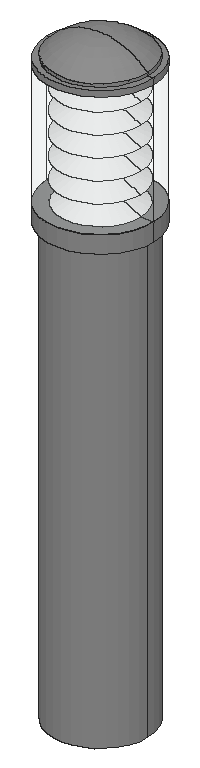
Revit family
Parameters
  Wattage = 9.2903 W
  built-in parameter 1150110 = 1 (stored number, unit not read)
  built-in parameter 1114217 = 1 (stored number, unit not read)
  built-in parameter 1150109 = 1 (stored number, unit not read)
  built-in parameter 1150134 = 3
  built-in parameter 1150113 = 1 (stored number, unit not read)
  Material Post = Metal - Black
  Material Lamp Glazing = Glass - Blue Light Frosted
  Material Filament = Metal - Chrome Polished
  built-in parameter 1150105 = 109.82 (stored number, unit not read)
  Lumens = 1380 lm
  built-in parameter 1150115 = 1 (stored number, unit not read)
  Light Source Symbol Size = 609.6 mm
  built-in parameter 1150137 = (empty or 0)
  built-in parameter 1150139 = (empty or 0)
  built-in parameter 1150112 = 1 (stored number, unit not read)
  built-in parameter 1150114 = 1 (stored number, unit not read)
  Keynote = "V"
  built-in parameter 1150132 = 2
  built-in parameter 1150102 = (empty or 0)
  built-in parameter 1150107 = 3200 (stored number, unit not read)
  built-in parameter 1150138 = (empty or 0)
  built-in parameter 1150106 = 1.0982 (stored number, unit not read)
  Fixture Height = 900 mm
  built-in parameter 1150104 = 13.8 (stored number, unit not read)
  Dimming Lamp Color Temperature Shift = (empty or 0)
  Color Filter = 16777215
  built-in parameter 1114218 = 1 (stored number, unit not read)
  built-in parameter 1150133 = 10 (stored number, unit not read)
Reference planes
  plane 1 "Light Source Axis (F/B)": y = 0
  plane 2: z = 0
  plane 3 "Light Source Axis (L/R)": x = 0
  plane 4 "Fixture Top": z = 900
  plane 5 "Light Source Elevation": z = 1100
Forms (mm)
  Revolve 1, solid, material "Metal - Black" <- "Material Post"
    sketch origin (0, 0, 0) x (1, 0, 0) y (0, 0, 1)
      loop
        line (0, 0) -> (0, 800) -> (-92.5, 800) -> (-92.5, 770) -> (-82.5, 770) -> (-82.5, 0) -> (0, 0)
      axis (0, 0) -> (0, 800)
    angle from 0 to 360
  Revolve 2, solid, material "Metal - Chrome Polished" <- "Material Filament"
    sketch origin (0, 0, 0) x (1, 0, 0) y (0, 0, 1)
      loop
        line (-69.404, 800) -> (0, 800) -> (0, 1013.592) -> (-15.026, 1013.592) -> (-15.026, 1003.592) -> (-70.026, 977.945) -> (-15.026, 977.945) -> (-15.026, 967.945) -> (-70.026, 942.298) -> (-15.026, 942.298) -> (-15.026, 932.298) -> (-70.026, 906.651) -> (-15.026, 906.651) -> (-15.026, 896.651) -> (-70.026, 871.004) -> (-15.026, 871.004) -> (-15.026, 861.004) -> (-70.026, 835.357) -> (-15.026, 835.357) -> (-15.026, 825.357) -> (-69.404, 800)
      axis (0, 800) -> (0, 1013.592)
    angle from 0 to 360
  Revolve 3, solid, material "Metal - Black" <- "Material Post"
    sketch origin (0, 0, 0) x (1, 0, 0) y (0, 0, 1)
      loop
        line (-92.5, 1023.25) -> (-92.5, 1013.25) -> (0, 1013.25) -> (0, 1062)
        arc (0, 1062) -> (-44.843, 1053.908) -> (-82.5, 1028.25) r 109.407
        line (-82.5, 1028.25) -> (-82.5, 1023.25) -> (-92.5, 1023.25)
      axis (0, 1013.25) -> (0, 1062)
    angle from 0 to 360
  Revolve 4, solid, material "Glass - Blue Light Frosted" <- "Material Lamp Glazing"
    sketch origin (0, 0, 0) x (1, 0, 0) y (0, 0, 1)
      loop
        line (-92.5, 1013.25) -> (-92.5, 800) -> (0, 800) -> (0, 1013.25) -> (-92.5, 1013.25)
      axis (0, 800) -> (0, 1013.25)
    angle from 0 to 360
Dimensions and locks
  "Fixture Height": plane 4 "Fixture Top" to plane 2
  Revolve 3 sketch curve to plane 4 "Fixture Top" = 113.25 mm
  plane 4 "Fixture Top" to Revolve 1 sketch curve = 100 mm
  plane 4 "Fixture Top" to Revolve 2 sketch curve = 100 mm
  plane 4 "Fixture Top" to Revolve 4 sketch curve = 100 mm
  locked: plane 5 "Light Source Elevation" to plane 4 "Fixture Top" at 200
  aligned and locked: level to plane 2
  aligned and locked: plane 3 "Light Source Axis (L/R)" to imposter light
  aligned and locked: plane 1 "Light Source Axis (F/B)" to imposter light
  aligned and locked: plane 5 "Light Source Elevation" to imposter light
Automatic sketch dimensions
  Revolve 1 sketch curve to level = 0 mm
  Revolve 1 sketch curve to plane 3 "Light Source Axis (L/R)" = 0 mm  (x2)
  Revolve 1 sketch curve to Revolve 1 sketch curve = 82.5 mm
  Revolve 1 sketch curve to Revolve 1 sketch curve = 10 mm
  Revolve 1 sketch curve to level = 160 mm
  Revolve 1 sketch curve to Revolve 1 sketch curve = 30 mm
  plane 4 "Fixture Top" to Revolve 1 sketch curve = 680 mm
  Revolve 2 sketch curve to plane 3 "Light Source Axis (L/R)" = 0 mm  (x2)
  Revolve 2 sketch curve to plane 3 "Light Source Axis (L/R)" = 15.026 mm  (x5)
  Revolve 2 sketch curve to Revolve 2 sketch curve = 15.026 mm
  Revolve 2 sketch curve to Revolve 2 sketch curve = 54.378 mm
  Revolve 2 sketch curve to Revolve 2 sketch curve = 0.622 mm
  Revolve 2 sketch curve to Revolve 2 sketch curve = 55 mm
  Revolve 2 sketch curve to Revolve 2 sketch curve = 0 mm  (x3)
  Revolve 2 sketch curve to level = 72.793 mm
  Revolve 2 sketch curve to Revolve 2 sketch curve = 25.357 mm
  Revolve 2 sketch curve to Revolve 2 sketch curve = 35.357 mm
  Revolve 2 sketch curve to Revolve 2 sketch curve = 25.647 mm  (x5)
  Revolve 2 sketch curve to Revolve 2 sketch curve = 35.647 mm  (x4)
  Revolve 2 sketch curve to Revolve 2 sketch curve = 10 mm
  Revolve 2 sketch curve to Revolve 2 sketch curve = 141.388 mm
  Revolve 3 sketch curve to plane 3 "Light Source Axis (L/R)" = 0 mm  (x2)
  Revolve 3 sketch curve to plane 3 "Light Source Axis (L/R)" = 3.418 mm
  Revolve 3 sketch curve to Revolve 3 sketch curve = 10 mm  (x2)
  Revolve 3 sketch curve to Revolve 3 sketch curve = 5 mm
  Revolve 3 sketch curve to level = 46.408 mm
  Revolve 3 sketch curve to Revolve 3 sketch curve = 0 mm
  Revolve 3 sketch curve to plane 4 "Fixture Top" = 52.646 mm
  Revolve 3 sketch curve to plane 3 "Light Source Axis (L/R)" = 82.5 mm
  Revolve 3 sketch curve to Revolve 3 sketch curve = 60.604 mm
  Revolve 4 sketch curve to plane 3 "Light Source Axis (L/R)" = 0 mm  (x2)
  Revolve 4 sketch curve to plane 3 "Light Source Axis (L/R)" = 92.5 mm
  Revolve 4 sketch curve to Revolve 4 sketch curve = 66.75 mm
  Revolve 4 sketch curve to plane 4 "Fixture Top" = 113.25 mm
  Revolve 4 sketch curve to Revolve 4 sketch curve = 155 mm
